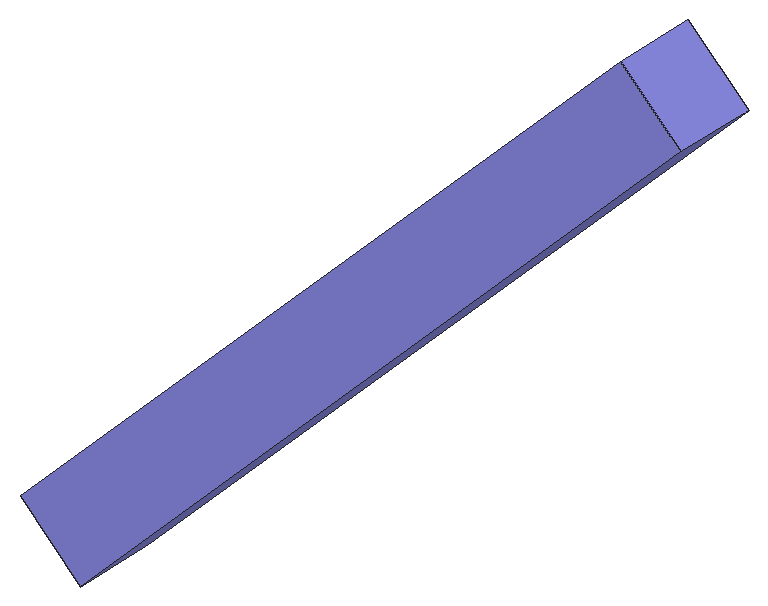
Revit family "配管サポート_等辺山形鋼", category Generic Models, Revit 2023
Family settings
  Can host rebar = No
  Round Connector Dimension = Use Diameter
  Part Type = Normal
  Work Plane-Based = Yes
  Always vertical = No
  Cut with Voids When Loaded = No
  Maintain Annotation Orientation = No
  Shared = No
  Room Calculation Point = No
Parameters (values of type "L 100 x 100")
  高さ = 100 mm
  長辺 [instance] = 長さ  # 1000 mm
  長さ [instance] = 1000 mm
  部屋名 = ""
  角度 [instance] = 45.00°
  Default Elevation = 1219.2 mm
  構造マテリアル = E102_配管サポート
  幅 = 100 mm
Types (18, lengths in mm): name | 高さ | 幅
  L 120 x 120 | 120 | 120
  L 130 x 130 | 130 | 130
  L 150 x 150 | 150 | 150
  L 175 x 175 | 175 | 175
  L 200 x 200 | 200 | 200
  L 25 x 25 | 25 | 25
  L 250 x 250 | 250 | 250
  L 30 x 30 | 30 | 30
  L 45 x 45 | 45 | 45
  L 50 x 50 | 50 | 50
  L 60 x 60 | 60 | 60
  L 65 x 65 | 65 | 65
  L 70 x 70 | 70 | 70
  L 75 x 75 | 75 | 75
  L 80 x 80 | 80 | 80
  L 90 x 90 | 90 | 90
  L 100 x 100 | 100 | 100
  L 40 x 40 | 40 | 40
Reference planes
  plane 1 "中心(正面/背面)": y = 0
  plane 2: z = 0
  plane 3 "中心(左/右)": x = 0
Lines and regions (mm)
  reference lines
    curve 1: line (0, 0, 0) -> (848.528, 0, 848.528)
    curve 2: line (35.355, 0, -35.355) -> (-35.355, 0, 35.355)
    curve 3: line (742.462, 0, 671.751) -> (671.751, 0, 742.462)
Dimensions and locks
  equal spacing: curve 2, curve 1, curve 2
  "高さ": curve 2 to curve 2
  equal spacing: curve 3, curve 1, curve 3
  "高さ": curve 3 to curve 3
  "長さ": curve 2 to curve 3
  "角度": angle level to curve 1
  angle curve 2 to curve 1 = 90.00°
  angle curve 3 to curve 1 = 90.00°
  aligned and locked: level to plane 2
  aligned and locked: level to curve 1
  aligned and locked: plane 3 "中心(左/右)" to curve 1
  aligned and locked: nested 1 to curve 1
Nested families
  nested 1: "グレーチング_等辺山形鋼" at (-35.355, 0, 35.355) x (0, 1, 0) z (0.7071, 0, -0.7071), 長さ <- "長さ", type "L 25 x 25"
    with 長辺 1000 mm, 長さ 1000 mm, 高さ 100 mm, 幅 100 mm
Definition of nested family "グレーチング_等辺山形鋼"
  Parameters (values of type "L 25 x 25")
    高さ = 25 mm
    長辺 [instance] = 長さ  # 1000 mm
    長さ [instance] = 1000 mm
    部屋名 = ""
    Default Elevation = 1219.2 mm
    構造マテリアル = none
    幅 = 25 mm
  Reference planes
    plane 1 "中心(正面/背面)": y = 0
    plane 2: z = 0
    plane 3 "中心(左/右)": x = 0
    plane 4: z = 12.5
    plane 5: z = 25
  Forms (mm)
    Extrusion 1, solid, material <- "構造マテリアル"
      sketch origin (0, 0, 0) x (1, 0, 0) y (0, 1, 0)
        loop
          line (-12.5, 1000) -> (-12.5, 0) -> (12.5, 0) -> (12.5, 1000) -> (-12.5, 1000)
      from 0 to 25
  Lines and regions (mm)
    reference lines
      curve 1: line (12.5, 1000, 0) -> (-12.5, 1000, 0)
      curve 2: line (12.5, 0, 0) -> (-12.5, 0, 0)
  Dimensions and locks
    "長さ": curve 1 to curve 2
    "幅": Extrusion 1 to Extrusion 1
    equal spacing: Extrusion 1, plane 3 "中心(左/右)", Extrusion 1
    "幅": curve 1 to curve 1
    equal spacing: curve 1, plane 3 "中心(左/右)", curve 1
    "幅": curve 2 to curve 2
    equal spacing: curve 2, plane 3 "中心(左/右)", curve 2
    equal spacing: plane 5, plane 4, level
    "高さ": plane 5 to level
    aligned and locked: level to plane 2
    aligned and locked: Extrusion 1 to curve 2
    aligned and locked: curve 1 to Extrusion 1
    aligned and locked: plane 5 to Extrusion 1
  Automatic sketch dimensions
    Extrusion 1 sketch curve to plane 3 "中心(左/右)" = 12.5 mm
    plane 3 "中心(左/右)" to Extrusion 1 sketch curve = 12.5 mm
    plane 1 "中心(正面/背面)" to Extrusion 1 sketch curve = 0 mm
    Extrusion 1 sketch curve to plane 1 "中心(正面/背面)" = 1000 mm
    plane 1 "中心(正面/背面)" to curve 2 = 0 mm
